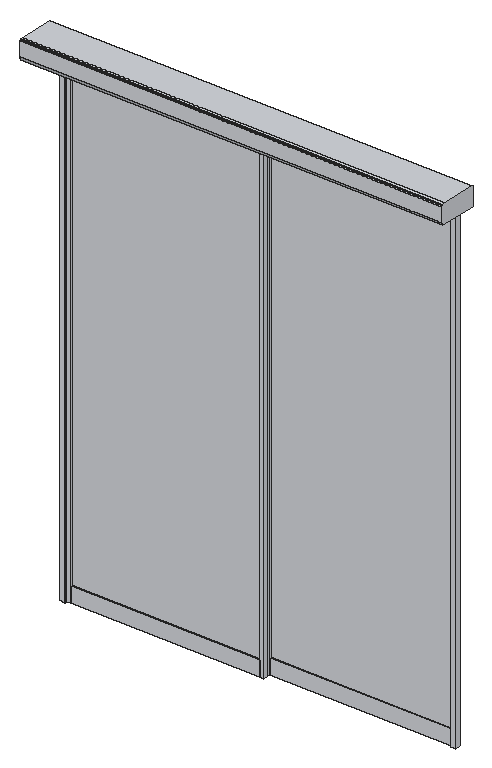
Revit family "SL510 Slim_SlimECO 1-Flg. m.Seitenteil - Sturzmontage", category Türen, Revit 2018
Family settings
  Basisbauteil = Wand
  OmniClass-Nummer = 23.30.10.00
  OmniClass-Titel = Doors
  Immer vertikal = Ja
  Beim Laden mit Abzugskörper schneiden = Nein
  Gemeinsam genutzt = Nein
  Raumberechnungspunkt = Nein
Parameters
  ohne Schutzflügel [instance] = if(or([Schutzflügel - drehbar], [Schutzflügel - drehbar + Bodenschloß], [Schutzflügel - schiebbar]), 1 = 0, 1 = 1)  # yes
  X [instance] = if(or([Schutzflügel - drehbar], [Schutzflügel - drehbar + Bodenschloß], [Schutzflügel - schiebbar]), 25 mm, 200 mm)  # 200 mm
  Warnung Abmessungen 3 [instance] = if(Seitenteil Breite < 300 mm, 1 = 1, if(Seitenteil Breite > 1500 mm, 1 = 1, 1 = 0))  # no
  Warnung Abmessungen 2 [instance] = if(Durchgangslichte Höhe < 1900 mm, 1 = 1, if(Durchgangslichte Höhe > 3000 mm, 1 = 1, 1 = 0))  # no
  Warnung Abmessungen 1 [instance] = if(Durchgangslichte Breite < 900 mm, 1 = 1, if(Durchgangslichte Breite > 1500 mm, 1 = 1, 1 = 0))  # no
  Wandaufbau Pfeilseite [instance] = 0 mm
  Wandaufbau Gegenseite [instance] = 0 mm
  Seitenteil Breite [instance] = 1000 mm
  Schutzflügel - schiebbar [instance] = no
  Schutzflügel - drehbar + Bodenschloß [instance] = no
  Schutzflügel - drehbar [instance] = no
  SW [instance] = if(Seitenteil Breite < 300 mm, 300 mm, if(Seitenteil Breite > 1500 mm, 1500 mm, Seitenteil Breite))  # 1000 mm
  SH [instance] = COH + 42 mm  # 2542 mm
  Rough Height [instance] = Höhe ab FBOK + Fußbodenaufbau  # 2755 mm
  Rough Width [instance] = Width  # 2008 mm
  Rahmen [instance] = none
  PSFW [instance] = COW + 95 mm  # 1095 mm
  PSFH [instance] = COH + 50 mm  # 2550 mm
  Montagefuge Breite = 5 mm
  Kollisionskörper = no
  IFC_Widerstandsklasse = " "  # constant formula
  IFC_Selbstschliessend [instance] = 1 = 0  # no
  IFC_Schallschutzklasse = 0  # constant formula
  IFC_Rauchschutz [instance] = 1 = 0  # no
  IFC_Notausgang [instance] = no
  IFC_Luftdurchlässigkeit = 0  # constant formula
  IFC_Glasflächenanteil = 0  # constant formula
  IFC_Behindertengerecht [instance] = no
  IFC_Beanspruchungsklasse = " "  # constant formula
  IFC_Antrieb [instance] = 1 = 1  # yes
  Höhe ab FBOK berechnen = yes
  Höhe ab FBOK [instance] = COH + 50 mm + Montagefuge Breite  # 2555 mm
  Height [instance] = if(Höhe ab FBOK berechnen, Höhe ab FBOK, Rough Height)  # 2555 mm
  Glasstärke = 8 mm
  Glas [instance] = none
  Fußbodenaufbau [instance] = 200 mm
  Freiraum [instance] = if((COW * 2 + 195 mm) > (COW + SW + 113 mm), COW + DW + X + 113 mm, 110 mm + Width)  # 2341 mm
  Familienversion = "1.0"  # constant formula
  Durchgangslichte Höhe [instance] = 2500 mm
  Durchgangslichte Breite [instance] = 1000 mm
  DW [instance] = COW + 28 mm  # 1028 mm
  DH [instance] = COH + 60 mm  # 2560 mm
  Wandabschluss = Nach Basisbauteil
  COW [instance] = if(Durchgangslichte Breite < 900 mm, 900 mm, if(Durchgangslichte Breite > 1500 mm, 1500 mm, Durchgangslichte Breite))  # 1000 mm
  COH [instance] = if(Durchgangslichte Höhe < 1900 mm, 1900 mm, if(Durchgangslichte Höhe > 3000 mm, 3000 mm, Durchgangslichte Höhe))  # 2500 mm
  CL [instance] = if((COW * 2 + 195 mm) > (COW + SW + 113 mm), (COW * 2 + 195 mm), (110 mm + Width))  # 2195 mm
  CH [instance] = DH + 8 mm  # 2568 mm
  Width [instance] = COW + SW + Montagefuge Breite + 3 mm  # 2008 mm
  Antrieb [instance] = none
Reference planes
  plane 1: y = 0
  plane 2 "Mitte (Links/rechts)": x = 0
  plane 3 "Links": x = -1004
  plane 4 "Rechts": x = 1004
  plane 5: z = 2555
  plane 6 "außen": y = 75
  plane 7 "Innen": y = -75
  plane 8 "CL L": x = -1114
  plane 9 "D CL": y = -107.5
  plane 10 "D L": x = -997
  plane 11: z = 8
  plane 12 "COW L": x = -1001
  plane 13 "COW R": x = -1
  plane 14 "Wandaufbau Innen": y = -75
  plane 15 "Wandaufbau Außen": y = 75
  plane 16: x = 1027
  plane 17: x = 999
  plane 18 "Sicherheitsabstand": x = 1227
  plane 19 "Basis": z = 0
  plane 20 "RD OK": z = -200
  plane 21 "Durchgangshöhe": z = 2499.935
Forms (mm)
  Sweep 1, solid, material <- "Rahmen", detail levels medium+fine
    path origin (0, -75, 0) x (1, 0, 0) y (0, 0, 1)
      loop
        line (-1004, 0) -> (-1004, 2555)
    profile "Rahmen_1 : Rahmen_1" origin (-1004, -75, 1277.5) x (-1, 0, 0) y (0, -1, 0)
      loop
        line (0, 40) -> (0, 0) -> (30, 0) -> (30, 42) -> (2, 42) -> (0, 40)
Lines and regions (mm)
  Opening 1
    outline origin (-5000, -75, 0) x (1, 0, 0) y (0, 0, 1)
      loop
        line (3996, 2555) -> (3996, -200) -> (6004, -200) -> (6004, 2555) -> (3996, 2555)
  symbolic lines, style "DoorsHiddenLines"
    curve 1: line (31, -97.5, 0) -> (1027, -97.5, 0)
    curve 2: line (1027, -97.5, 0) -> (1027, -117.5, 0)
    curve 3: line (1027, -117.5, 0) -> (31, -117.5, 0)
    curve 6: line (1227, -122.5, 0) -> (1227, -92.5, 0)
  symbolic lines, style "DoorsHiddenLines", detail levels medium+fine
    curve 4: line (-1004, -75, 0) -> (-1, -75, 0)
    curve 5: line (1004, 75, 0) -> (-1004, 75, 0)
Text (mm)
  text "Exterior" at (-2295.016, 1099.543, 0), in view "Ref.-Ebene"
  text "Exterior" at (0, 1615.38, 3698.081), in view "Links"
  text "Exterior" at (0, 1036.032, 3874.932), in view "Rechts"
Dimensions and locks
  equal spacing: plane 3 "Links", plane 2 "Mitte (Links/rechts)", plane 4 "Rechts"
  "Width": plane 3 "Links" to plane 4 "Rechts"
  "Höhe ab FBOK": level to plane 5
  locked: plane 6 "außen" to host wall at 0
  locked: plane 7 "Innen" to host wall
  locked: plane 14 "Wandaufbau Innen" to plane 9 "D CL" at 32.5
  locked: plane 3 "Links" to plane 10 "D L" at 7
  locked: plane 8 "CL L" to plane 3 "Links" at 110
  locked: plane 3 "Links" to plane 12 "COW L" at 3
  "Wandaufbau Pfeilseite": plane 14 "Wandaufbau Innen" to plane 7 "Innen"
  "Wandaufbau Gegenseite": plane 15 "Wandaufbau Außen" to plane 6 "außen"
  "DW": plane 13 "COW R" to plane 16
  "Montagefuge Breite": plane 17 to plane 4 "Rechts"
  "X": plane 16 to plane 18 "Sicherheitsabstand"
  "Fußbodenaufbau": level to plane 20 "RD OK"
  "COW": plane 12 "COW L" to plane 13 "COW R"
  aligned and locked: plane 1 to host wall
  aligned and locked: nested 1 to plane 9 "D CL"
  aligned and locked: Sweep 1 sketch curve to plane 3 "Links"
  aligned and locked: level to Sweep 1 sketch curve
  aligned and locked: plane 5 to Opening 1 sketch curve
  aligned and locked: plane 4 "Rechts" to Opening 1 sketch curve
  aligned and locked: Opening 1 sketch curve to plane 3 "Links"
  aligned and locked: plane 5 to Sweep 1 sketch curve
  aligned and locked: nested 2 to plane 13 "COW R"
  aligned and locked: plane 10 "D L" to nested 1
  aligned and locked: plane 14 "Wandaufbau Innen" to nested 2
  aligned and locked: plane 15 "Wandaufbau Außen" to curve 5
  aligned and locked: plane 4 "Rechts" to curve 5
  aligned and locked: plane 3 "Links" to curve 5
  aligned and locked: plane 14 "Wandaufbau Innen" to curve 4
  aligned and locked: plane 3 "Links" to curve 4
  aligned and locked: nested 1 to curve 1
  aligned and locked: curve 3 to nested 1
  aligned and locked: plane 14 "Wandaufbau Innen" to nested 3
  aligned and locked: plane 13 "COW R" to nested 3
  aligned and locked: plane 16 to curve 2
  aligned and locked: level to plane 19 "Basis"
  aligned and locked: plane 20 "RD OK" to Opening 1 sketch curve
  aligned and locked: plane 21 "Durchgangshöhe" to nested 2
  aligned and locked: plane 13 "COW R" to curve 4
  aligned and locked: plane 8 "CL L" to nested 5
  aligned and locked: plane 14 "Wandaufbau Innen" to nested 5
  aligned and locked: nested 6 to plane 9 "D CL"
  aligned and locked: plane 12 "COW L" to nested 6
  aligned and locked: nested 6 to plane 18 "Sicherheitsabstand"
Automatic sketch dimensions
  plane 9 "D CL" to curve 2 = 10 mm
  curve 2 to plane 9 "D CL" = 10 mm
  plane 9 "D CL" to curve 6 = 15 mm
  curve 6 to plane 9 "D CL" = 15 mm
  curve 6 to plane 18 "Sicherheitsabstand" = 0 mm
Nested families
  nested 1: "Flügel" at (-483, -107.5, 0), type "Flügel"
    with Aufkleber rechte Seite yes, Aufkleber linke Seite no, Height 2555 mm, DW 1028 mm, DH 2560 mm
  nested 2: "Seitenlicht" at (499, -55.5, 0), type "Seitenlicht"
    with SH 2542 mm, Height 2555 mm, DW 1028 mm, Width 2090 mm, Abdeckprofil Breite 2001 mm
  nested 3: "Sicherheitsflügel" at (609, -54.5, 0), type "Sicherheitsflügel"
    with Schutzflügel - schiebbar no, Schutzflügel - drehbar + Bodenschloß no, Schutzflügel - drehbar no, PSFW 1095 mm, PSFH 2550 mm, Height 2513 mm
  nested 4: "Warnung" at (-501, -825, 0), type "Warnung"
  nested 5: "Antrieb_SL510_1_Flügel" at (-16.5, -75, 0), type "Antrieb_SL510_1_Flügel"
    with Projektion no, Freiraum 2341 mm, CL 2195 mm, CH 2568 mm
  nested 6: "Kollisionskörper_1" at (-1, -107.5, 0), visible <- "Kollisionskörper", type "Kollisionskörper_1"
    with Height 2000 mm, built-in parameter 1001302 20 mm, Width 2228 mm, Schutzflügel - schiebbar no, Schutzflügel - drehbar + Bodenschloß no, Schutzflügel - drehbar no, PSFH 2550 mm, COH 2500 mm
Definition of nested family "Flügel"
  Parameters (values of type "Flügel")
    Rahmen = none
    Height = 2500 mm
    Glasstärke = 8 mm
    Glas = none
    Familienversion = "1.0"  # constant formula
    DW = 1026 mm
    DH = 2510 mm
    Aufkleber rechte Seite [instance] = yes
    Aufkleber linke Seite [instance] = yes
    Analytic Construction = "<Keine Auswahl>"
  Reference planes
    plane 1 "Mitte (Vorne/hinten)": y = 0
    plane 2: z = 0
    plane 3 "Mitte (Links/rechts)": x = 0
    plane 4 "Links": x = -513
    plane 5 "Rechts": x = 513
    plane 6 "Oben": z = 2500
    plane 7 "Pfeil": y = -110
    plane 8: z = 8
    plane 9 "D Außen": y = 10
    plane 10 "D Innen": y = -10
    plane 11 "Glas Außen": y = 6
    plane 12 "DH": z = 2518
    plane 13: x = -256.5
    plane 14 "Pfeil Außen": y = 6
  Forms (mm)
    Sweep 1, solid, material <- "Rahmen", detail levels medium+fine
      path origin (0, 0, 0) x (1, 0, 0) y (0, 0, 1)
        loop
          line (-490, 2518) -> (490, 2518)
      profile "Flügel_Oberteil : Flügel_Oberteil" origin (0, 0, 2518) x (0, 0, 1) y (0, -1, 0)
        loop
          line (0, -22.5) -> (0, 22.5) -> (-3, 22.5) -> (-3, 19.5) -> (-14, 19.5) -> (-14, 15)
          arc (-14, 15) -> (-15.464, 11.464) -> (-19, 10) r 5
          line (-19, 10) -> (-68, 10) -> (-68, -10) -> (-19, -10)
          arc (-19, -10) -> (-15.464, -11.464) -> (-14, -15) r 5
          line (-14, -15) -> (-14, -19.5) -> (-3, -19.5) -> (-3, -22.5) -> (0, -22.5)
    Sweep 2, solid, material <- "Rahmen", detail levels medium+fine
      path origin (0, 0, 0) x (1, 0, 0) y (0, 0, 1)
        loop
          line (-490, 0) -> (490, 0)
      profile "Flügel_Unterteil : Flügel_Unterteil" origin (0, 0, 0) x (0, 0, 1) y (0, -1, 0)
        loop
          line (88, -10) -> (88, 10) -> (8, 10) -> (8, -10) -> (88, -10)
    Sweep 3, solid, material <- "Rahmen", detail levels medium+fine
      path origin (0, 0, 0) x (1, 0, 0) y (0, 0, 1)
        loop
          line (-513, 8) -> (-513, 2518)
      profile "Flügel_Seitenteil : Flügel_Seitenteil" origin (-513, 0, 1263) x (-1, 0, 0) y (0, -1, 0)
        loop
          line (-23, 10) -> (-23, -10) -> (0, -10) -> (0, 10) -> (-23, 10)
    Sweep 4, solid, material <- "Rahmen", detail levels medium+fine
      path origin (0, 0, 0) x (1, 0, 0) y (0, 0, 1)
        loop
          line (513, 8) -> (513, 2518)
      profile "Flügel_Seitenteil : Flügel_Seitenteil" origin (513, 0, 1263) x (-1, 0, 0) y (0, -1, 0)
        loop
          line (23, 10) -> (0, 10) -> (0, -10) -> (23, -10) -> (23, 10)
    Extrusion 5, solid, material <- "Glas", detail levels medium+fine
      sketch origin (0, 6, 0) x (1, 0, 0) y (0, 0, 1)
        loop
          line (-490, 2450) -> (-490, 88) -> (490, 88) -> (490, 2450) -> (-490, 2450)
      from 0 to 8 <- "Glasstärke"
    Extrusion 6, solid, material <- "Rahmen", detail levels coarse
      sketch origin (0, 0, 0) x (1, 0, 0) y (0, 0, 1)
        loop
          line (-513, 8) -> (513, 8) -> (513, 2518) -> (-513, 2518) -> (-513, 8)
      from -10 to 10
  Lines and regions (mm)
    symbolic lines
      curve 1: line (-185, -110, 0) -> (65, -110, 0)
      curve 2: line (65, -142.154, 0) -> (185, -110, 0)
      curve 3: line (65, -77.846, 0) -> (65, -142.154, 0)
      curve 4: line (65, -77.846, 0) -> (185, -110, 0)
      curve 5: line (-240, -110, 1259) -> (120, -110, 1259)
      curve 6: line (120, -110, 1226.846) -> (120, -110, 1291.154)
      curve 7: line (240, -110, 1259) -> (120, -110, 1226.846)
      curve 8: line (240, -110, 1259) -> (120, -110, 1291.154)
  Dimensions and locks
    "Height": plane 6 "Oben" to level
    equal spacing: plane 5 "Rechts", plane 3 "Mitte (Links/rechts)", plane 4 "Links"
    "DW": plane 4 "Links" to plane 5 "Rechts"
    locked: Extrusion 6 sketch curve to level at 8
    locked: plane 8 to level at 8
    locked: plane 11 "Glas Außen" to plane 9 "D Außen" at 4
    "DH": plane 12 "DH" to plane 8
    plane 12 "DH" to level = 2518 mm
    equal spacing: plane 12 "DH", curve 5, level
    equal spacing: plane 4 "Links", plane 13, plane 3 "Mitte (Links/rechts)"
    aligned and locked: level to plane 2
    aligned and locked: Sweep 3 sketch curve to plane 4 "Links"
    aligned and locked: Sweep 1 to Sweep 3 sketch curve
    aligned and locked: Sweep 3 sketch curve to Sweep 2
    aligned and locked: Sweep 4 sketch curve to plane 5 "Rechts"
    aligned and locked: Sweep 4 sketch curve to Sweep 1
    aligned and locked: Sweep 2 to Sweep 4 sketch curve
    aligned and locked: Extrusion 5 sketch curve to Sweep 1
    aligned and locked: Extrusion 5 sketch curve to Sweep 2  (x2)
    aligned and locked: Extrusion 6 sketch curve to Sweep 3
    aligned and locked: Extrusion 6 sketch curve to Sweep 4  (x2)
    aligned and locked: Extrusion 6 to Sweep 3  (x2)
    aligned and locked: Sweep 3 to Extrusion 5 sketch curve
    aligned and locked: plane 9 "D Außen" to Extrusion 6
    aligned and locked: plane 10 "D Innen" to Extrusion 6
    aligned and locked: plane 12 "DH" to Sweep 1
    aligned and locked: Sweep 1 sketch curve to plane 12 "DH"
    aligned and locked: plane 14 "Pfeil Außen" to plane 11 "Glas Außen"
    aligned and locked: nested 1 to plane 14 "Pfeil Außen"
    aligned and locked: nested 2 to plane 14 "Pfeil Außen"
  Automatic sketch dimensions
    Sweep 2 sketch curve to level = 0 mm
    Sweep 2 sketch curve to plane 4 "Links" = 23 mm
    plane 5 "Rechts" to Sweep 2 sketch curve = 23 mm
    plane 5 "Rechts" to Sweep 1 sketch curve = 23 mm
    Sweep 1 sketch curve to plane 4 "Links" = 23 mm
    curve 1 to plane 7 "Pfeil" = 0 mm
    curve 2 to plane 7 "Pfeil" = 0 mm
    plane 3 "Mitte (Links/rechts)" to curve 4 = 185 mm
    curve 3 to plane 7 "Pfeil" = 32.154 mm
    plane 3 "Mitte (Links/rechts)" to curve 3 = 65 mm
    plane 7 "Pfeil" to curve 3 = 32.154 mm
    curve 1 to plane 3 "Mitte (Links/rechts)" = 185 mm
    curve 5 to plane 3 "Mitte (Links/rechts)" = 240 mm
    curve 6 to curve 5 = 32.154 mm
    curve 5 to curve 6 = 32.154 mm
    curve 7 to curve 5 = 0 mm
    plane 3 "Mitte (Links/rechts)" to curve 8 = 120 mm
    plane 3 "Mitte (Links/rechts)" to curve 8 = 240 mm
  Nested families
    nested 1: "Pfeil_Aufkleber" at (-319.498, 2, 1500) x (-1, 0, 0) z (0, 0, 1), visible <- "Aufkleber rechte Seite", type "Pfeil_Aufkleber", detail levels medium+fine
    nested 2: "Pfeil_Aufkleber" at (-319.498, 2, 1500) x (-1, 0, 0) z (0, 0, 1), visible <- "Aufkleber linke Seite", type "Pfeil_Aufkleber", detail levels medium+fine
  Definition of nested family "Pfeil_Aufkleber"
    Parameters (values of type "Pfeil_Aufkleber")
      Familienversion = "1.0"  # constant formula
      Thickness = 8 mm
      Analytic Construction = "<Keine Auswahl>"
    Reference planes
      plane 1 "Mitte (Vorne/hinten)": y = 0
      plane 2: z = 0
      plane 3 "Mitte (Links/rechts)": x = 0
      plane 4 "Innen": y = -4
      plane 5 "Außen": y = 4
    Dimensions and locks
      equal spacing: plane 5 "Außen", plane 1 "Mitte (Vorne/hinten)", plane 4 "Innen"
      "Thickness": plane 5 "Außen" to plane 4 "Innen"
      aligned and locked: level to plane 2
      aligned and locked: plane 3 "Mitte (Links/rechts)" to nested 1
      aligned and locked: nested 1 to plane 2
      aligned and locked: nested 2 to plane 3 "Mitte (Links/rechts)"
      aligned and locked: nested 2 to plane 2
    Nested families
      nested 1: "Aufkleber" at (0, -4, 0) x (1, 0, 0) z (0, -1, 0), type "Aufkleber"
        with Vorderseite yes, Rückseite no
      nested 2: "Aufkleber" at (0, 4, 0) x (-1, 0, 0) z (0, 1, 0), type "Aufkleber"
        with Vorderseite no, Rückseite yes
    Definition of nested family "Aufkleber"
      Parameters (values of type "Aufkleber")
        Default Elevation = 1219.2 mm
        Vorderseite [instance] = yes
        Rückseite [instance] = yes
        Familienversion = "1.0"  # constant formula
        Analytic Construction = "<Keine Auswahl>"
      Reference planes
        plane 1 "Mitte (Vorne/hinten)": y = 0
        plane 2: z = 0
        plane 3 "Mitte (Links/rechts)": x = 0
      Lines and regions (mm)
        model lines, visible <- "Rückseite"
          curve 1: arc (-92.642, -15.384, 0) -> (-93.502, -17.51, 0) -> (-92.628, -19.631, 0) r 3.034
          curve 2: line (-79.836, -2.384, 0) -> (-92.652, -15.374, 0)
          curve 3: arc (-74.141, -0.002, 0) -> (-77.228, -0.622, 0) -> (-79.836, -2.384, 0) r 8
          curve 4: line (-23.502, -0.002, 0) -> (-74.141, -0.002, 0)
          curve 5: arc (-20.502, -3.002, 0) -> (-21.381, -0.881, 0) -> (-23.502, -0.002, 0) r 3
          curve 6: line (-20.502, -31.998, 0) -> (-20.502, -3.002, 0)
          curve 7: arc (-23.502, -34.998, 0) -> (-21.381, -34.12, 0) -> (-20.502, -31.998, 0) r 3
          curve 8: line (-74.141, -34.998, 0) -> (-23.502, -34.998, 0)
          curve 9: arc (-79.836, -32.617, 0) -> (-77.227, -34.379, 0) -> (-74.141, -34.998, 0) r 8
          curve 10: line (-92.637, -19.641, 0) -> (-79.836, -32.617, 0)
          curve 11: line (17.507, 0, 0) -> (-11.51, 0, 0)
          curve 12: arc (-11.51, 0, 0) -> (-13.624, -0.881, 0) -> (-14.502, -2.996, 0) r 3.003
          curve 13: line (-14.502, -2.996, 0) -> (-14.502, -31.991, 0)
          curve 14: arc (-14.502, -31.991, 0) -> (-13.628, -34.115, 0) -> (-11.51, -35, 0) r 3.002
          curve 15: line (-11.51, -35, 0) -> (17.507, -35, 0)
          curve 16: arc (17.507, -35, 0) -> (19.62, -34.119, 0) -> (20.498, -32.004, 0) r 3.002
          curve 17: line (20.498, -32.004, 0) -> (20.498, -2.996, 0)
          curve 18: arc (20.498, -2.996, 0) -> (19.62, -0.881, 0) -> (17.507, 0, 0) r 3.003
          curve 19: line (49.498, 0, 0) -> (32.498, 0, 0)
          curve 20: arc (32.498, 0, 0) -> (30.377, -0.879, 0) -> (29.498, -3, 0) r 3
          curve 21: line (29.498, -3, 0) -> (29.498, -32, 0)
          curve 22: arc (29.498, -32, 0) -> (30.377, -34.121, 0) -> (32.498, -35, 0) r 3
          curve 23: line (32.498, -35, 0) -> (49.498, -35, 0)
          curve 24: arc (49.498, -35, 0) -> (51.619, -34.121, 0) -> (52.498, -32, 0) r 3
          curve 25: line (52.498, -32, 0) -> (52.498, -3, 0)
          curve 26: arc (52.498, -3, 0) -> (51.619, -0.879, 0) -> (49.498, 0, 0) r 3
          curve 27: line (64.498, -3, 0) -> (64.498, -32, 0)
          curve 28: arc (67.498, 0, 0) -> (65.377, -0.879, 0) -> (64.498, -3, 0) r 3
          curve 29: line (74.143, 0, 0) -> (67.498, 0, 0)
          curve 30: arc (79.84, -2.384, 0) -> (77.23, -0.62, 0) -> (74.143, 0, 0) r 8
          curve 31: line (92.625, -15.352, 0) -> (79.84, -2.384, 0)
          curve 32: arc (92.626, -19.627, 0) -> (93.498, -17.492, 0) -> (92.615, -15.362, 0) r 3.029
          curve 33: line (79.839, -32.616, 0) -> (92.636, -19.637, 0)
          curve 34: arc (74.142, -35, 0) -> (77.23, -34.38, 0) -> (79.839, -32.616, 0) r 8
          curve 35: line (67.498, -35, 0) -> (74.142, -35, 0)
          curve 36: arc (64.498, -32, 0) -> (65.377, -34.121, 0) -> (67.498, -35, 0) r 3
        model lines, visible <- "Vorderseite"
          curve 37: arc (-92.639, -15.386, 0) -> (-93.498, -17.509, 0) -> (-92.626, -19.627, 0) r 3.029
          curve 38: line (-79.84, -2.384, 0) -> (-92.649, -15.376, 0)
          curve 39: arc (-74.143, 0, 0) -> (-77.23, -0.62, 0) -> (-79.84, -2.384, 0) r 8
          curve 40: line (-67.498, 0, 0) -> (-74.143, 0, 0)
          curve 41: arc (-64.498, -3, 0) -> (-65.377, -0.879, 0) -> (-67.498, 0, 0) r 3
          curve 42: line (-64.498, -32, 0) -> (-64.498, -3, 0)
          curve 43: arc (-67.498, -35, 0) -> (-65.377, -34.121, 0) -> (-64.498, -32, 0) r 3
          curve 44: line (-74.142, -35, 0) -> (-67.498, -35, 0)
          curve 45: arc (-79.839, -32.616, 0) -> (-77.23, -34.38, 0) -> (-74.142, -35, 0) r 8
          curve 46: line (-92.636, -19.637, 0) -> (-79.839, -32.616, 0)
          curve 47: line (-52.498, -3, 0) -> (-52.498, -32, 0)
          curve 48: arc (-52.498, -32, 0) -> (-51.619, -34.121, 0) -> (-49.498, -35, 0) r 3
          curve 49: line (-49.498, -35, 0) -> (-32.498, -35, 0)
          curve 50: arc (-32.498, -35, 0) -> (-30.377, -34.121, 0) -> (-29.498, -32, 0) r 3
          curve 51: line (-29.498, -32, 0) -> (-29.498, -3, 0)
          curve 52: arc (-29.498, -3, 0) -> (-30.377, -0.879, 0) -> (-32.498, 0, 0) r 3
          curve 53: line (-32.498, 0, 0) -> (-49.498, 0, 0)
          curve 54: arc (-49.498, 0, 0) -> (-51.619, -0.879, 0) -> (-52.498, -3, 0) r 3
          curve 55: line (-20.498, -2.996, 0) -> (-20.498, -32.004, 0)
          curve 56: arc (-20.498, -32.004, 0) -> (-19.62, -34.119, 0) -> (-17.507, -35, 0) r 3.002
          curve 57: line (-17.507, -35, 0) -> (11.51, -35, 0)
          curve 58: arc (11.51, -35, 0) -> (13.628, -34.115, 0) -> (14.502, -31.991, 0) r 3.002
          curve 59: line (14.502, -31.991, 0) -> (14.502, -2.996, 0)
          curve 60: arc (14.502, -2.996, 0) -> (13.624, -0.881, 0) -> (11.51, 0, 0) r 3.003
          curve 61: line (11.51, 0, 0) -> (-17.507, 0, 0)
          curve 62: arc (-17.507, 0, 0) -> (-19.62, -0.881, 0) -> (-20.498, -2.996, 0) r 3.003
          curve 63: arc (92.628, -19.631, 0) -> (93.502, -17.494, 0) -> (92.619, -15.36, 0) r 3.034
          curve 64: line (92.628, -15.35, 0) -> (79.836, -2.384, 0)
          curve 65: arc (79.836, -2.384, 0) -> (77.228, -0.622, 0) -> (74.141, -0.002, 0) r 8
          curve 66: line (74.141, -0.002, 0) -> (23.502, -0.002, 0)
          curve 67: arc (23.502, -0.002, 0) -> (21.381, -0.881, 0) -> (20.502, -3.002, 0) r 3
          curve 68: line (20.502, -3.002, 0) -> (20.502, -31.998, 0)
          curve 69: arc (20.502, -31.998, 0) -> (21.381, -34.12, 0) -> (23.502, -34.998, 0) r 3
          curve 70: line (23.502, -34.998, 0) -> (74.141, -34.998, 0)
          curve 71: arc (74.141, -34.998, 0) -> (77.227, -34.379, 0) -> (79.836, -32.617, 0) r 8
          curve 72: line (79.836, -32.617, 0) -> (92.637, -19.641, 0)
      Dimensions and locks
        aligned and locked: level to plane 2
Definition of nested family "Seitenlicht"
  Parameters (values of type "Seitenlicht")
    SW = 1000 mm
    SH = 2487 mm
    Rahmen = none
    Height = 2500 mm
    Glasstärke = 8 mm
    Glas = none
    Familienversion = "1.0"  # constant formula
    DW = 0 mm
    Width = 1000 mm
    Abdeckprofil Breite = SW + DW - 27 mm  # 973 mm
  Reference planes
    plane 1 "Mitte (Vorne/hinten)": y = 19.5
    plane 2: z = 0
    plane 3 "Mitte (Links/rechts)": x = 0
    plane 4 "Links": x = -500
    plane 5 "Rechts": x = 500
    plane 6 "Oben": z = 2495
    plane 7 "ST CL": y = 12
    plane 8 "Glas Außen": y = 6
    plane 9: z = 8
    plane 10 "Roh UK": z = 2500
  Forms (mm)
    Sweep 1, solid, material <- "Rahmen", detail levels medium+fine
      path origin (0, 19.5, 0) x (1, 0, 0) y (0, 0, 1)
        loop
          line (-473, 2495) -> (475, 2495)
      profile "Seitenlicht_Oberteil : Seitenlicht_Oberteil" origin (1, 19.5, 2495) x (0, 0, 1) y (0, -1, 0)
        loop
          line (0, 32) -> (-50.065, 32) -> (-50.065, -1) -> (-29.065, -1) -> (-29.065, -5) -> (-14, -5) -> (-8.506, -3) -> (40, -3) -> (40, 0) -> (0, 0) -> (0, 32)
    Sweep 2, solid, material <- "Rahmen", detail levels medium+fine
      path origin (0, 12, 0) x (0, 0, -1) y (-1, 0, 0)
        loop
          line (0, 470) -> (0, -475)
      profile "Seitenlicht_Unterteil : PanelUnterteilProfil" origin (2.5, 12, 0) x (0, 0, 1) y (0, -1, 0)
        loop
          line (88, -10) -> (88, 10) -> (8, 10) -> (8, -10) -> (88, -10)
    Sweep 3, solid, material <- "Rahmen", detail levels medium+fine
      path origin (0, 12, 0) x (0, 0, -1) y (-1, 0, 0)
        loop
          line (-8, 500) -> (-2495, 500)
      profile "Seitenlicht_Verbindung : Seitenlicht_Verbindung" origin (-500, 12, 1251.5) x (-1, 0, 0) y (0, -1, 0)
        loop
          line (-30, 10) -> (-30, -10) -> (-22, -10) -> (-22, -26) -> (0, -26) -> (0, 10) -> (-30, 10)
    Sweep 4, solid, material <- "Rahmen", detail levels medium+fine
      path origin (0, 12, 0) x (0, 0, -1) y (-1, 0, 0)
        loop
          line (-8, -500) -> (-2495, -500)
      profile "Seitenlicht_Seitenteil : Seitenlicht_Seitenteil" origin (500, 12, 1251.5) x (-1, 0, 0) y (0, -1, 0)
        loop
          line (25, 12) -> (0, 12) -> (0, -12) -> (25, -12) -> (25, 12)
    Extrusion 5, solid, material <- "Glas", detail levels medium+fine
      sketch origin (0, 6, 0) x (-1, 0, 0) y (0, 0, 1)
        loop
          line (470, 2444.935) -> (-475, 2444.935) -> (-475, 88) -> (470, 88) -> (470, 2444.935)
      from 8 <- "Glasstärke" to 0
    Extrusion 6, solid, material <- "Rahmen", detail levels coarse
      sketch origin (0, 0, 0) x (1, 0, 0) y (0, 0, -1)
        loop
          line (-500, -2495) -> (500, -2495) -> (500, -8) -> (-500, -8) -> (-500, -2495)
      from 22 to 2
  Dimensions and locks
    equal spacing: plane 5 "Rechts", plane 3 "Mitte (Links/rechts)", plane 4 "Links"
    "SW": plane 4 "Links" to plane 5 "Rechts"
    locked: plane 8 "Glas Außen" to Extrusion 6 at 4
    locked: plane 9 to level at 8
    "Height": plane 10 "Roh UK" to level
    "SH": plane 6 "Oben" to plane 9
    plane 10 "Roh UK" to plane 6 "Oben" = 5 mm
    "Abdeckprofil Breite": Sweep 1 sketch curve to plane 5 "Rechts"
    aligned and locked: level to plane 2
    aligned and locked: Sweep 1 to Sweep 3 sketch curve
    aligned and locked: Sweep 4 sketch curve to Sweep 1
    aligned and locked: Sweep 2 to Sweep 4 sketch curve
    aligned and locked: Sweep 1 to Extrusion 5
    aligned and locked: Sweep 2 to Extrusion 5
    aligned and locked: Extrusion 6 sketch curve to Sweep 3
    aligned and locked: Extrusion 6 sketch curve to Sweep 4  (x2)
    aligned and locked: Sweep 3 to Extrusion 5
    aligned and locked: Sweep 4 to Extrusion 5
    aligned and locked: Extrusion 6 to Sweep 2  (x2)
    aligned and locked: plane 9 to Sweep 3 sketch curve
    aligned and locked: plane 6 "Oben" to Sweep 1
  Automatic sketch dimensions
    Sweep 2 sketch curve to level = 0 mm
    Sweep 2 sketch curve to plane 5 "Rechts" = 25 mm
    plane 4 "Links" to Sweep 2 sketch curve = 30 mm
    plane 4 "Links" to Sweep 3 sketch curve = 0 mm
    plane 5 "Rechts" to Sweep 4 sketch curve = 0 mm
    plane 4 "Links" to Extrusion 6 sketch curve = 0 mm
    plane 5 "Rechts" to Extrusion 5 sketch curve = 25 mm
    Extrusion 5 sketch curve to plane 4 "Links" = 30 mm
    level to Extrusion 5 sketch curve = 88 mm
    Extrusion 5 sketch curve to plane 6 "Oben" = 50.065 mm
    Sweep 1 sketch curve to plane 6 "Oben" = 0 mm
    plane 5 "Rechts" to Sweep 1 sketch curve = 25 mm
Definition of nested family "Antrieb_SL510_1_Flügel"
  Parameters (values of type "Antrieb_SL510_1_Flügel")
    ohne Schutzflügel = yes
    Projektion [instance] = if(ohne Schutzflügel, 1 = 0, 1 = 1)  # no
    Freiraum = 3800 mm
    Familienversion = "1.0"  # constant formula
    CL = 3600 mm
    CH = 2125.095 mm
    Width = 8120 mm
    Antrieb = none
  Reference planes
    plane 1 "Mitte (Vorne/hinten)": y = 0
    plane 2: z = 0
    plane 3 "Mitte (Links/rechts)": x = 0
    plane 4 "Links": x = -1800
    plane 5 "Rechts": x = 1800
    plane 6: y = -198
    plane 7 "CH": z = 2125.095
    plane 8: z = 2212.559
    plane 9: y = -276
    plane 10: z = 2089.559
    plane 11: y = -276
    plane 12: y = -542.5
    plane 13: x = -1800
    plane 14: x = 2000
  Forms (mm)
    Sweep 1, solid, material <- "Antrieb", detail levels medium+fine
      path origin (0, 0, 2125.095) x (0, 1, 0) y (-1, 0, 0)
        loop
          line (0, 1798) -> (0, -1798)
      profile "SL510 : SL510" origin (0, 0, 2125.095) x (0, 1, 0) y (0, 0, 1)
        loop
          line (0, 85.95) -> (-2.514, 88.45) -> (-181.354, 87.464) -> (-195.4, 85.46) -> (-195.4, 81.902) -> (-197.88, 77.845) -> (-197.88, 1.901) -> (-190.917, -12) -> (-74.88, -12) -> (-74.88, 26.397) -> (0, 26.397) -> (0, 85.95)
    Extrusion 2, solid, material <- "Antrieb", detail levels medium+fine
      sketch origin (-1800, 0, 0) x (0, -1, 0) y (0, 0, 1)
        loop
          line (195.4, 2210.555) -> (181.354, 2212.559) -> (2.514, 2213.545) -> (0, 2211.045) -> (0, 2113.095) -> (190.917, 2113.095) -> (197.88, 2126.996) -> (197.88, 2202.94) -> (195.4, 2206.997) -> (195.4, 2210.555)
      from 0 to -2
    Extrusion 3, solid, material <- "Antrieb", detail levels medium+fine
      sketch origin (1800, 0, 0) x (0, -1, 0) y (0, 0, 1)
        loop
          line (181.354, 2212.559) -> (2.514, 2213.545) -> (0, 2211.045) -> (0, 2113.095) -> (190.917, 2113.095) -> (197.88, 2126.996) -> (197.88, 2202.94) -> (195.4, 2206.997) -> (195.4, 2210.555) -> (181.354, 2212.559)
      from 0 to 2
    Sweep 4, solid, material <- "Antrieb", detail levels coarse
      path origin (0, 0, 2125.095) x (0, 1, 0) y (-1, 0, 0)
        loop
          line (0, 1800) -> (0, -1800)
      profile origin (0, 0, 2125.095) x (0, 1, 0) y (0, 0, 1)
        loop
          line (0, 88.464) -> (-197.88, 87.373) -> (-197.88, -12) -> (0, -12) -> (0, 88.464)
    Extrusion 5, void
      sketch origin (-1800, 0, 2113.095) x (-1, 0, 0) y (0, -1, 0)
        loop
          line (-2, 74.88) -> (-3598, 74.88) -> (-3598, 0) -> (-2, 0) -> (-2, 74.88)
      from 0 to 38.397
  Cuts and joins
    Extrusion 5 cuts Sweep 1
    Extrusion 5 cuts Extrusion 2
    Extrusion 5 cuts Extrusion 3
    joined: Sweep 1, Extrusion 2, Extrusion 3
    Extrusion 5 cuts Sweep 4
  Lines and regions (mm)
    symbolic lines, visible <- "Projektion"
      curve 1: line (-1800, 0, 2125.095) -> (-1800, -276, 2125.095)
      curve 2: line (-1800, -276, 2125.095) -> (1800, -276, 2125.095)
      curve 3: line (1800, -276, 2125.095) -> (1800, 0, 2125.095)
    model lines, not visible
      curve 4: line (0, 0, 2125.095) -> (0, 0, 0)
    symbolic lines, detail levels medium+fine
      curve 5: line (0, -198, 2212.559) -> (0, -262.099, 2212.559)
      curve 6: line (0, -262.099, 2212.559) -> (0, -276, 2205.596)
      curve 7: line (0, -276, 2205.596) -> (0, -276, 2089.559)
    symbolic lines, detail levels coarse
      curve 8: line (0, -198, 2212.559) -> (0, -276, 2212.559)
      curve 9: line (0, -276, 2212.559) -> (0, -276, 2089.559)
    symbolic lines, visible <- "ohne Schutzflügel"
      curve 10: line (-1800, 0, 2125.095) -> (-1800, -542.5, 2125.095)
      curve 11: line (-1800, -542.5, 2125.095) -> (2000, -542.5, 2125.095)
      curve 12: line (2000, -542.5, 2125.095) -> (2000, 0, 2125.095)
  Dimensions and locks
    equal spacing: plane 4 "Links", plane 3 "Mitte (Links/rechts)", plane 5 "Rechts"
    "CL": plane 4 "Links" to plane 5 "Rechts"
    plane 1 "Mitte (Vorne/hinten)" to plane 6 = 198 mm
    "CH": plane 7 "CH" to level
    locked: plane 6 to plane 9 at 78
    locked: plane 8 to plane 7 "CH" at 87.464
    locked: plane 8 to plane 10 at 123
    plane 6 to plane 11 = 78 mm
    plane 12 to plane 1 "Mitte (Vorne/hinten)" = 542.5 mm
    "Freiraum": plane 13 to plane 14
    aligned and locked: level to plane 2
    aligned and locked: Extrusion 2 to Sweep 1 sketch curve
    aligned and locked: Sweep 1 sketch curve to Extrusion 3
    aligned and locked: plane 1 "Mitte (Vorne/hinten)" to Sweep 4 sketch curve
    aligned and locked: plane 4 "Links" to Sweep 4 sketch curve
    aligned and locked: plane 5 "Rechts" to Sweep 4 sketch curve
    aligned and locked: plane 1 "Mitte (Vorne/hinten)" to curve 1
    aligned and locked: plane 1 "Mitte (Vorne/hinten)" to curve 3
    aligned and locked: curve 5 to plane 8
    aligned and locked: curve 7 to plane 9
    aligned and locked: plane 10 to curve 7
    aligned and locked: plane 6 to curve 5
    aligned and locked: curve 2 to plane 11
    aligned and locked: curve 8 to plane 8
    aligned and locked: plane 6 to curve 8
    aligned and locked: plane 10 to curve 9
    aligned and locked: plane 11 to curve 9
    aligned and locked: Extrusion 5 to Sweep 1
    aligned and locked: curve 11 to plane 12
    aligned and locked: curve 12 to plane 14
    aligned and locked: plane 1 "Mitte (Vorne/hinten)" to curve 12
    aligned and locked: plane 1 "Mitte (Vorne/hinten)" to curve 10
    aligned and locked: plane 13 to curve 10
    aligned and locked: plane 4 "Links" to plane 13
  Automatic sketch dimensions
    plane 1 "Mitte (Vorne/hinten)" to Sweep 1 sketch curve = 0 mm
    Sweep 4 sketch curve to profile plane = 0 mm
    profile plane to Sweep 4 sketch curve = 87.373 mm
    Sweep 4 sketch curve to Sweep 4 sketch curve = 197.88 mm
    Sweep 4 sketch curve to profile plane = 12 mm
    profile plane to Sweep 4 sketch curve = 88.464 mm
    curve 4 to level = 0 mm
    curve 4 to plane 3 "Mitte (Links/rechts)" = 0 mm
    curve 4 to plane 7 "CH" = 0 mm
    plane 6 to Extrusion 2 sketch curve = 2.6 mm
    Extrusion 3 sketch curve to plane 1 "Mitte (Vorne/hinten)" = 0 mm
    plane 1 "Mitte (Vorne/hinten)" to Extrusion 3 sketch curve = 2.514 mm
    plane 6 to Extrusion 3 sketch curve = 16.646 mm
    plane 6 to Extrusion 3 sketch curve = 7.083 mm
    plane 6 to Extrusion 3 sketch curve = 2.6 mm
    plane 6 to Extrusion 3 sketch curve = 0.12 mm
    Extrusion 3 sketch curve to plane 7 "CH" = 12 mm
    plane 7 "CH" to Extrusion 3 sketch curve = 1.901 mm
    Extrusion 3 sketch curve to Extrusion 3 sketch curve = 75.944 mm
    Extrusion 3 sketch curve to Extrusion 3 sketch curve = 4.056 mm
    Extrusion 3 sketch curve to Extrusion 3 sketch curve = 3.559 mm
    plane 7 "CH" to Extrusion 3 sketch curve = 85.95 mm
    Extrusion 3 sketch curve to Extrusion 3 sketch curve = 2.004 mm
    Extrusion 3 sketch curve to Extrusion 3 sketch curve = 2.5 mm
    Extrusion 2 sketch curve to plane 1 "Mitte (Vorne/hinten)" = 0 mm
    plane 1 "Mitte (Vorne/hinten)" to Extrusion 2 sketch curve = 2.514 mm
    Extrusion 2 sketch curve to Extrusion 2 sketch curve = 14.046 mm
    plane 6 to Extrusion 2 sketch curve = 7.083 mm
    plane 6 to Extrusion 2 sketch curve = 0.12 mm
    Extrusion 2 sketch curve to plane 7 "CH" = 12 mm
    plane 7 "CH" to Extrusion 2 sketch curve = 1.901 mm
    Extrusion 2 sketch curve to Extrusion 2 sketch curve = 75.944 mm
    Extrusion 2 sketch curve to Extrusion 2 sketch curve = 4.056 mm
    Extrusion 2 sketch curve to Extrusion 2 sketch curve = 3.559 mm
    plane 7 "CH" to Extrusion 2 sketch curve = 85.95 mm
    Extrusion 2 sketch curve to Extrusion 2 sketch curve = 2.004 mm
    Extrusion 2 sketch curve to Extrusion 2 sketch curve = 2.5 mm
    curve 6 to plane 9 = 13.901 mm
    curve 6 to plane 8 = 6.963 mm
    Extrusion 5 sketch curve to Sweep 4 = 0 mm
    Extrusion 5 sketch curve to Sweep 4 = 2 mm  (x2)
    Extrusion 5 sketch curve to Sweep 4 = 74.88 mm
    curve 1 to plane 4 "Links" = 0 mm
    curve 3 to plane 5 "Rechts" = 0 mm
Definition of nested family "Kollisionskörper_1"
  Parameters (values of type "Kollisionskörper_1")
    ohne Schutzflügel = yes
    Schutzflügel - schiebbar = yes
    Schutzflügel - drehbar + Bodenschloß = yes
    Schutzflügel - drehbar = yes
    PSFW = 1095 mm
    PSFH = 2000 mm
    Height [instance] = 2000 mm
    Thickness [instance] = 20 mm
    COW = 1000 mm
    COH = 2000 mm
    Width [instance] = 2000 mm
  Reference planes
    plane 1 "Mitte (Vorne/hinten)": y = 0
    plane 2: z = 0
    plane 3 "Mitte (Links/rechts)": x = -500
    plane 4: y = 10
    plane 5: y = -10
    plane 6: x = -1000
    plane 7: y = -27.5
    plane 8: y = -72
    plane 9: x = 1110
    plane 10: x = 15
    plane 11: y = 32.5
    plane 12: x = 1000
    plane 13: x = 0
  Forms (mm)
    Extrusion 1, solid
      sketch origin (653.804, 0, 0) x (1, 0, 0) y (0, 1, 0)
        loop
          line (-1653.804, 10) -> (-1653.804, -10) -> (346.196, -10) -> (346.196, 10) -> (-1653.804, 10)
      from 8 to 2000 <- "COH"
    Extrusion 2, solid, visible <- "Schutzflügel - drehbar"
      sketch origin (993.804, -18, 0) x (1, 0, 0) y (0, 1, 0)
        loop
          line (116.196, -9.5) -> (-978.804, -9.5)
          arc (-978.804, -9.5) -> (-895.452, -428.538) -> (-658.086, -783.782) r 1095
          line (-658.086, -783.782) -> (116.196, -9.5)
      from 8 to 2000 <- "PSFH"
    Extrusion 3, solid
      sketch origin (653.804, 500, 0) x (1, 0, 0) y (0, 1, 0)
        loop
          line (-1653.804, 32.5) -> (-1653.804, -467.5) -> (-653.804, -467.5) -> (-653.804, 32.5) -> (-1653.804, 32.5)
      from 0 to 2000 <- "COH"
    Extrusion 4, solid, visible <- "Schutzflügel - drehbar + Bodenschloß"
      sketch origin (993.804, -62, 0) x (1, 0, 0) y (0, 1, 0)
        loop
          line (116.196, -10) -> (-978.804, -10)
          arc (-978.804, -10) -> (-895.452, -429.038) -> (-658.086, -784.282) r 1095
          line (-658.086, -784.282) -> (116.196, -10)
      from 8 to 2000 <- "PSFH"
    Extrusion 5, solid, visible <- "ohne Schutzflügel"
      sketch origin (653.804, -42.5, 0) x (1, 0, 0) y (0, 1, 0)
        loop
          line (-1653.804, 32.5) -> (-1653.804, -467.5) -> (346.196, -467.5) -> (346.196, 32.5) -> (-1653.804, 32.5)
      from 0 to 2000 <- "COH"
    Extrusion 6, solid, visible <- "Schutzflügel - drehbar"
      sketch origin (653.804, -42.5, 0) x (1, 0, 0) y (0, 1, 0)
        loop
          line (-1653.804, 32.5) -> (-1653.804, -467.5) -> (-653.804, -467.5) -> (-653.804, 32.5) -> (-1653.804, 32.5)
      from 0 to 2000 <- "COH"
    Extrusion 7, solid, visible <- "Schutzflügel - drehbar + Bodenschloß"
      sketch origin (653.804, -42.5, 0) x (1, 0, 0) y (0, 1, 0)
        loop
          line (-1653.804, 32.5) -> (-1653.804, -467.5) -> (-653.804, -467.5) -> (-653.804, 32.5) -> (-1653.804, 32.5)
      from 0 to 2000 <- "COH"
    Extrusion 8, solid, visible <- "Schutzflügel - schiebbar"
      sketch origin (653.804, -42.5, 0) x (1, 0, 0) y (0, 1, 0)
        loop
          line (-1653.804, 32.5) -> (-1653.804, -29.5) -> (456.196, -29.5) -> (456.196, 32.5) -> (-1653.804, 32.5)
      from 8 to 2000 <- "PSFH"
    Extrusion 9, solid, visible <- "Schutzflügel - schiebbar"
      sketch origin (653.804, -42.5, 0) x (1, 0, 0) y (0, 1, 0)
        loop
          line (-1653.804, -29.5) -> (-1653.804, -467.5) -> (-653.804, -467.5) -> (-653.804, -29.5) -> (-1653.804, -29.5)
      from 0 to 2000 <- "COH"
  Dimensions and locks
    equal spacing: plane 4, plane 1 "Mitte (Vorne/hinten)", plane 5
    "Thickness": plane 4 to plane 5
    "PSFW": Extrusion 2 sketch curve to Extrusion 2 sketch curve
    Extrusion 3 sketch curve to Extrusion 3 sketch curve = 500 mm
    "PSFW": plane 10 to plane 9
    "PSFW": Extrusion 4 sketch curve to Extrusion 4 sketch curve
    Extrusion 5 sketch curve to Extrusion 5 sketch curve = 500 mm
    Extrusion 6 sketch curve to Extrusion 6 sketch curve = 500 mm
    Extrusion 7 sketch curve to Extrusion 7 sketch curve = 500 mm
    Extrusion 8 sketch curve to Extrusion 8 sketch curve = 62 mm
    "COW": plane 6 to plane 13
    plane 13 to plane 10 = 15 mm
    Extrusion 9 sketch curve to Extrusion 9 sketch curve = 438 mm
    "Width": plane 6 to plane 12
    equal spacing: plane 6, plane 3 "Mitte (Links/rechts)", plane 13
    "PSFW": radius of Extrusion 2 sketch curve
    "PSFW": radius of Extrusion 4 sketch curve
    angle Extrusion 2 sketch curve to Extrusion 2 sketch curve = 45.00°
    angle Extrusion 4 sketch curve to Extrusion 4 sketch curve = 45.00°
    aligned and locked: level to plane 2
    aligned and locked: plane 7 to Extrusion 2 sketch curve  (x2)
    aligned and locked: Extrusion 3 sketch curve to plane 6
    aligned and locked: plane 9 to Extrusion 2 sketch curve
    aligned and locked: plane 10 to Extrusion 2 sketch curve
    aligned and locked: plane 9 to Extrusion 4 sketch curve
    aligned and locked: plane 10 to Extrusion 4 sketch curve
    aligned and locked: Extrusion 5 sketch curve to plane 5
    aligned and locked: Extrusion 5 sketch curve to plane 6
    aligned and locked: Extrusion 1 sketch curve to plane 4
    aligned and locked: plane 5 to Extrusion 1 sketch curve
    aligned and locked: Extrusion 1 sketch curve to plane 6
    aligned and locked: Extrusion 8 sketch curve to plane 5
    aligned and locked: Extrusion 8 sketch curve to plane 6
    aligned and locked: Extrusion 7 sketch curve to plane 5
    aligned and locked: Extrusion 7 sketch curve to plane 6
    aligned and locked: Extrusion 6 sketch curve to plane 6
    aligned and locked: Extrusion 6 sketch curve to plane 5
    aligned and locked: plane 11 to Extrusion 3 sketch curve
    aligned and locked: Extrusion 8 to plane 8
    aligned and locked: Extrusion 9 sketch curve to plane 8
    aligned and locked: Extrusion 9 sketch curve to plane 6
    aligned and locked: plane 9 to Extrusion 8 sketch curve
    aligned and locked: plane 12 to Extrusion 5
    aligned and locked: plane 12 to Extrusion 1
    aligned and locked: Extrusion 3 sketch curve to plane 13
    aligned and locked: Extrusion 9 sketch curve to plane 13
    aligned and locked: Extrusion 7 sketch curve to plane 13
    aligned and locked: plane 13 to Extrusion 6
  Automatic sketch dimensions
    plane 9 to Extrusion 1 sketch curve = 110 mm
    plane 9 to Extrusion 5 sketch curve = 110 mm
    plane 3 "Mitte (Links/rechts)" to Extrusion 6 sketch curve = 500 mm
    Extrusion 4 sketch curve to plane 8 = 0 mm
Definition of nested family "Sicherheitsflügel"
  Parameters (values of type "Sicherheitsflügel")
    Schutzflügel - schiebbar = yes
    Schutzflügel - drehbar + Bodenschloß = yes
    Schutzflügel - drehbar = yes
    Rahmen = none
    PSFW = 1000 mm
    PSFH = 2508 mm
    Height = 2000 mm
    Glas = none
    Familienversion = "1.0"  # constant formula
    Width = 2290 mm
  Reference planes
    plane 1 "Mitte (Vorne/hinten)": y = -20.5
    plane 2: z = 0
    plane 3 "Mitte (Links/rechts)": x = 0
    plane 4 "Links": x = -500
    plane 5 "Rechts": x = 500
    plane 6 "Oben": z = 2508
    plane 7: z = 8
    plane 8: y = -80.5
    plane 9: y = -70.5
    plane 10: y = -124.5
    plane 11: y = -114.5
    plane 12 "COW": x = -515
    plane 13: y = -110.5
    plane 14: y = -90.5
  Forms (mm)
    Extrusion 1, solid, material <- "Glas", visible <- "Schutzflügel - drehbar"
      sketch origin (0, 0, 0) x (1, 0, 0) y (0, 1, 0)
        loop
          line (-500, -70.5) -> (-500, -80.5) -> (500, -80.5) -> (500, -70.5) -> (-500, -70.5)
      from 8 to 2508 <- "PSFH"
    Extrusion 2, solid, material <- "Glas", visible <- "Schutzflügel - drehbar + Bodenschloß"
      sketch origin (0, -44, 0) x (1, 0, 0) y (0, 1, 0)
        loop
          line (-500, -70.5) -> (-500, -80.5) -> (500, -80.5) -> (500, -70.5) -> (-488, -70.5) -> (-488, -26.5) -> (-498, -26.5) -> (-498, -70.5) -> (-500, -70.5)
      from 8 to 2508 <- "PSFH"
    Extrusion 3, solid, material <- "Glas", visible <- "Schutzflügel - schiebbar"
      sketch origin (0, -20, 0) x (1, 0, 0) y (0, 1, 0)
        loop
          line (-500, -70.5) -> (-500, -90.5) -> (500, -90.5) -> (500, -70.5) -> (-500, -70.5)
      from 8 to 2508 <- "PSFH"
  Lines and regions (mm)
    symbolic lines, visible <- "Schutzflügel - drehbar + Bodenschloß"
      curve 1: arc (-500, -124.5, 0) -> (-423.88, -507.183, 0) -> (-207.107, -831.607, 0) r 1000
      curve 2: line (-207.107, -831.607, 0) -> (500, -124.5, 0)
    symbolic lines, visible <- "Schutzflügel - drehbar"
      curve 3: arc (-500, -80.5, 0) -> (-423.88, -463.183, 0) -> (-207.107, -787.607, 0) r 1000
      curve 4: line (-207.107, -787.607, 0) -> (500, -80.5, 0)
  Dimensions and locks
    equal spacing: plane 5 "Rechts", plane 3 "Mitte (Links/rechts)", plane 4 "Links"
    "PSFW": plane 4 "Links" to plane 5 "Rechts"
    locked: plane 7 to level at 8
    locked: plane 12 "COW" to plane 4 "Links" at 15
    "PSFH": plane 6 "Oben" to level
    "PSFW": curve 4 to curve 4
    "PSFW": curve 2 to curve 2
    "PSFW": radius of curve 3
    "PSFW": radius of curve 1
    locked: Extrusion 1 to curve 4 (angle 45.00°)
    locked: Extrusion 2 to curve 2 (angle 45.00°)
    aligned and locked: level to plane 2
    aligned and locked: Extrusion 1 sketch curve to plane 9
    aligned and locked: plane 5 "Rechts" to Extrusion 1 sketch curve
    aligned and locked: plane 8 to Extrusion 1 sketch curve
    aligned and locked: Extrusion 1 sketch curve to plane 4 "Links"
    aligned and locked: Extrusion 1 to plane 7
    aligned and locked: plane 6 "Oben" to Extrusion 1
    aligned and locked: Extrusion 2 sketch curve to plane 11
    aligned and locked: plane 10 to Extrusion 2 sketch curve
    aligned and locked: Extrusion 3 sketch curve to plane 14
    aligned and locked: plane 13 to Extrusion 3 sketch curve
    aligned and locked: plane 6 "Oben" to Extrusion 2
    aligned and locked: Extrusion 2 to plane 7
    aligned and locked: Extrusion 2 to Extrusion 1  (x2)
    aligned and locked: plane 5 "Rechts" to curve 4
    aligned and locked: plane 8 to curve 4
    aligned and locked: plane 5 "Rechts" to curve 2
    aligned and locked: plane 10 to curve 2
    aligned and locked: curve 3 to Extrusion 1
    aligned and locked: plane 4 "Links" to curve 3
    aligned and locked: curve 1 to Extrusion 2
    aligned and locked: plane 4 "Links" to curve 1
  Automatic sketch dimensions
    Extrusion 3 sketch curve to plane 4 "Links" = 0 mm
    Extrusion 3 sketch curve to plane 5 "Rechts" = 0 mm
    Extrusion 2 sketch curve to plane 4 "Links" = 0 mm
    Extrusion 2 sketch curve to plane 9 = 0 mm
    Extrusion 2 sketch curve to plane 5 "Rechts" = 0 mm
    Extrusion 2 sketch curve to plane 4 "Links" = 2 mm
    Extrusion 2 sketch curve to Extrusion 2 sketch curve = 10 mm
    Extrusion 2 sketch curve to plane 11 = 0 mm
Definition of nested family "Warnung"
  Parameters (values of type "Warnung")
    Warnung Symbol = if(or(Warnung Abmessungen 1, Warnung Abmessungen 2, Warnung Abmessungen 3, Warnung Abmessungen 4), 1 = 1, 1 = 0)  # no
    Warnung Abmessungen 4 = no
    Warnung Abmessungen 3 = no
    Warnung Abmessungen 2 = no
    Warnung Abmessungen 1 = no
    Familienversion = "1.0"  # constant formula
  Reference planes
    plane 1: y = 0
    plane 2: x = 0
  Lines and regions (mm)
    Masking region 1, visible <- "Warnung Symbol"
      outline origin (0, 0, 0) x (1, 0, 0) y (0, 1, 0)
        loop
          line (5, 0) -> (0, 10) -> (-5, 0) -> (5, 0)
        loop
          line (-0.937, 6.25) -> (0, 3.333) -> (0.937, 6.25) -> (-0.937, 6.25)
        loop
          circle (0, 1.667) r 0.937
  Text (mm)
    text "Max./Min. Breite nicht eingehalten" at (0.044, -2.174, 0), visible <- "Warnung Abmessungen 1"
    text "Max./Min. Höhe nicht eingehalten" at (0.044, -4.174, 0), visible <- "Warnung Abmessungen 2"
    text "Max./Min. Breite Seitenteil nicht eingehalten" at (0.044, -6.174, 0), visible <- "Warnung Abmessungen 3"
    text "Max./Min. Höhe OL nicht eingehalten" at (0.044, -8.174, 0), visible <- "Warnung Abmessungen 4"
